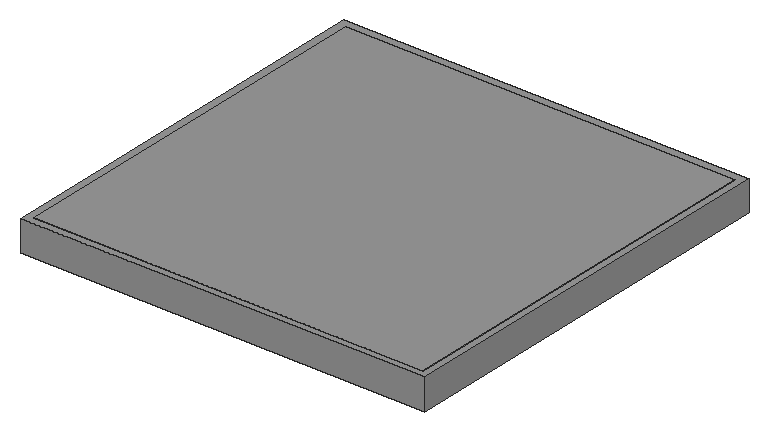
Revit family "ДВО-09 30 Вт Грильято DALI", category Осветительные приборы, Revit 2019 (continued)
Types (6, lengths in mm): name | Эффективность светильника | Файл фотометрической сетки | Тип рассеивателя | Световой поток модуля | built-in parameter 1150142 | Wattage | built-in parameter 1114217 | built-in parameter 1150134 | Lumens | built-in parameter 1150105 | Категория по ограничению яркости | built-in parameter 1150107 | built-in parameter 1150106 | Габаритная яркость | Артикул | URL
     0.0 0.0 0.0 0.0 0.0 0.0 0.0\r\n1213.1 1212.4 1211.0 1209.0 1206.6 1203.8 1200.3 1196.6 1192.3 1187.9 1182.9 1177.6 1171.6 1165.5 1158.5 1151.3 1143.5 1135.3 1126.8 1117.8 1108.6 1098.9 1089.1 1078.7 1068.2 1057.1 1045.8 1033.8 1021.8 1009.1 996.3 982.8 969.3 955.2 941.2 926.8 912.4 897.5 882.7 867.5 852.4 836.8 821.0 804.7 788.4 771.2 754.2 736.6 719.0 700.8 683.0 664.4 646.1 627.2 608.8 589.7 570.8 551.3 532.1 512.2 492.1 472.3 451.8 431.6 410.6 390.1 369.2 348.6 327.7 307.3 286.6 266.5 246.0 226.4 206.4 187.1 167.9 149.3 130.8 113.3 96.2 80.2 65.4 51.9 39.8 29.9 21.7 15.6 11.2 8.5 7.0 6.5 6.4 6.4 6.5 6.6 6.4 6.6 6.7 6.7 0.0 0.0 0.0 0.0 0.0 0.0 0.0 0.0 0.0 0.0 0.0 0.0 0.0 0.0 0.0 0.0 0.0 0.0 0.0 0.0 0.0 0.0 0.0 0.0 0.0 0.0 0.0 0.0 0.0 0.0 0.0 0.0 0.0 0.0 0.0 0.0 0.0 0.0 0.0 0.0 0.0 0.0 0.0 0.0 0.0 0.0 0.0 0.0 0.0 0.0 0.0 0.0 0.0 0.0 0.0 0.0 0.0 0.0 0.0 0.0 0.0\r\n1213.1 1212.5 1211.3 1209.5 1207.5 1205.0 1202.2 1198.8 1194.8 1190.7 1186.0 1181.0 1175.4 1169.1 1162.5 1155.4 1147.9 1140.1 1131.6 1123.0 1114.0 1104.9 1095.6 1085.8 1075.4 1064.4 1053.3 1041.6 1029.7 1017.2 1004.6 991.4 978.3 964.7 951.1 937.4 923.4 908.9 894.5 879.4 864.4 848.5 832.5 815.9 799.4 782.4 765.5 748.1 730.8 713.1 695.7 677.3 659.3 640.5 621.9 602.4 583.3 563.7 544.6 524.8 505.4 485.4 465.4 444.8 424.7 403.8 382.9 362.4 341.4 320.7 299.8 279.3 258.6 238.4 217.9 198.2 178.3 159.2 140.1 121.9 104.0 87.4 71.6 57.5 44.5 33.3 24.2 17.3 12.3 9.1 7.2 6.3 6.1 6.1 6.1 6.2 6.1 6.2 6.3 6.2 0.0 0.0 0.0 0.0 0.0 0.0 0.0 0.0 0.0 0.0 0.0 0.0 0.0 0.0 0.0 0.0 0.0 0.0 0.0 0.0 0.0 0.0 0.0 0.0 0.0 0.0 0.0 0.0 0.0 0.0 0.0 0.0 0.0 0.0 0.0 0.0 0.0 0.0 0.0 0.0 0.0 0.0 0.0 0.0 0.0 0.0 0.0 0.0 0.0 0.0 0.0 0.0 0.0 0.0 0.0 0.0 0.0 0.0 0.0 0.0 0.0\r\n1213.1 1212.5 1211.4 1209.7 1207.7 1205.2 1202.4 1199.0 1195.1 1191.1 1186.4 1181.3 1175.8 1169.6 1163.1 1156.1 1148.7 1141.0 1132.7 1124.2 1115.2 1105.9 1096.5 1086.6 1076.2 1065.2 1054.2 1042.6 1030.9 1018.7 1006.2 993.3 980.2 966.5 952.8 939.0 924.7 910.3 895.5 880.5 865.0 849.3 833.2 816.8 800.2 783.4 766.4 749.3 732.0 714.6 697.1 679.1 660.9 642.4 623.7 604.6 585.4 566.0 546.5 526.9 507.2 487.3 467.1 446.8 426.5 405.8 385.0 364.5 343.5 322.9 301.9 281.4 260.6 240.4 219.8 200.1 180.2 161.0 141.9 123.4 105.7 88.9 73.1 58.6 45.7 34.3 25.1 18.0 12.9 9.6 7.6 6.6 6.2 6.1 6.2 6.2 6.2 6.2 6.3 6.3 0.0 0.0 0.0 0.0 0.0 0.0 0.0 0.0 0.0 0.0 0.0 0.0 0.0 0.0 0.0 0.0 0.0 0.0 0.0 0.0 0.0 0.0 0.0 0.0 0.0 0.0 0.0 0.0 0.0 0.0 0.0 0.0 0.0 0.0 0.0 0.0 0.0 0.0 0.0 0.0 0.0 0.0 0.0 0.0 0.0 0.0 0.0 0.0 0.0 0.0 0.0 0.0 0.0 0.0 0.0 0.0 0.0 0.0 0.0 0.0 0.0\r\n1213.1 1212.4 1211.4 1209.9 1207.9 1205.4 1202.5 1199.2 1195.4 1191.4 1186.7 1181.5 1176.1 1170.0 1163.6 1156.8 1149.5 1141.8 1133.8 1125.3 1116.3 1106.9 1097.4 1087.3 1076.9 1066.0 1055.1 1043.6 1032.1 1020.1 1007.7 995.1 982.0 968.3 954.5 940.5 926.0 911.6 896.4 881.5 865.6 850.1 833.9 817.7 801.0 784.3 767.3 750.5 733.2 716.1 698.4 680.8 662.5 644.3 625.5 606.7 587.4 568.2 548.4 528.9 509.0 489.1 468.8 448.8 428.2 407.8 387.1 366.6 345.6 325.0 304.0 283.4 262.5 242.3 221.7 201.9 182.0 162.7 143.6 124.9 107.4 90.3 74.6 59.7 46.8 35.2 26.0 18.6 13.5 10.1 7.9 6.9 6.3 6.1 6.2 6.2 6.2 6.2 6.3 6.4 0.0 0.0 0.0 0.0 0.0 0.0 0.0 0.0 0.0 0.0 0.0 0.0 0.0 0.0 0.0 0.0 0.0 0.0 0.0 0.0 0.0 0.0 0.0 0.0 0.0 0.0 0.0 0.0 0.0 0.0 0.0 0.0 0.0 0.0 0.0 0.0 0.0 0.0 0.0 0.0 0.0 0.0 0.0 0.0 0.0 0.0 0.0 0.0 0.0 0.0 0.0 0.0 0.0 0.0 0.0 0.0 0.0 0.0 0.0 0.0 0.0\r\n1213.1 1212.4 1211.2 1209.5 1207.3 1204.6 1201.4 1197.9 1193.9 1189.7 1184.8 1179.6 1173.9 1167.8 1161.1 1154.1 1146.5 1138.6 1130.3 1121.6 1112.5 1102.9 1093.3 1083.0 1072.6 1061.6 1050.5 1038.7 1027.0 1014.6 1002.0 989.0 975.7 961.8 947.9 933.7 919.2 904.6 889.6 874.5 859.0 843.5 827.5 811.2 794.7 777.8 760.8 743.6 726.1 708.5 690.7 672.6 654.3 635.8 617.2 598.2 579.1 559.8 540.3 520.6 500.6 480.7 460.3 440.2 419.4 399.0 378.2 357.6 336.7 316.2 295.3 275.0 254.3 234.4 214.1 194.5 175.0 156.0 137.2 119.1 101.8 85.3 70.0 55.8 43.3 32.6 23.9 17.1 12.4 9.3 7.5 6.7 6.4 6.3 6.4 6.4 6.3 6.4 6.5 6.6 0.0 0.0 0.0 0.0 0.0 0.0 0.0 0.0 0.0 0.0 0.0 0.0 0.0 0.0 0.0 0.0 0.0 0.0 0.0 0.0 0.0 0.0 0.0 0.0 0.0 0.0 0.0 0.0 0.0 0.0 0.0 0.0 0.0 0.0 0.0 0.0 0.0 0.0 0.0 0.0 0.0 0.0 0.0 0.0 0.0 0.0 0.0 0.0 0.0 0.0 0.0 0.0 0.0 0.0 0.0 0.0 0.0 0.0 0.0 0.0 0.0\r\n1213.1 1212.4 1211.0 1209.0 1206.6 1203.8 1200.3 1196.6 1192.3 1187.9 1182.9 1177.6 1171.6 1165.5 1158.5 1151.3 1143.5 1135.3 1126.8 1117.8 1108.6 1098.9 1089.1 1078.7 1068.2 1057.1 1045.8 1033.8 1021.8 1009.1 996.3 982.8 969.3 955.2 941.2 926.8 912.4 897.5 882.7 867.5 852.4 836.8 821.0 804.7 788.4 771.2 754.2 736.6 719.0 700.8 683.0 664.4 646.1 627.2 608.8 589.7 570.8 551.3 532.1 512.2 492.1 472.3 451.8 431.6 410.6 390.1 369.2 348.6 327.7 307.3 286.6 266.5 246.0 226.4 206.4 187.1 167.9 149.3 130.8 113.3 96.2 80.2 65.4 51.9 39.8 29.9 21.7 15.6 11.2 8.5 7.0 6.5 6.4 6.4 6.5 6.6 6.4 6.6 6.7 6.7 0.0 0.0 0.0 0.0 0.0 0.0 0.0 0.0 0.0 0.0 0.0 0.0 0.0 0.0 0.0 0.0 0.0 0.0 0.0 0.0 0.0 0.0 0.0 0.0 0.0 0.0 0.0 0.0 0.0 0.0 0.0 0.0 0.0 0.0 0.0 0.0 0.0 0.0 0.0 0.0 0.0 0.0 0.0 0.0 0.0 0.0 0.0 0.0 0.0 0.0 0.0 0.0 0.0 0.0 0.0 0.0 0.0 0.0 0.0 0.0 0.0\r\n1213.1 1212.5 1211.3 1209.5 1207.5 1205.0 1202.2 1198.8 1194.8 1190.7 1186.0 1181.0 1175.4 1169.1 1162.5 1155.4 1147.9 1140.1 1131.6 1123.0 1114.0 1104.9 1095.6 1085.8 1075.4 1064.4 1053.3 1041.6 1029.7 1017.2 1004.6 991.4 978.3 964.7 951.1 937.4 923.4 908.9 894.5 879.4 864.4 848.5 832.5 815.9 799.4 782.4 765.5 748.1 730.8 713.1 695.7 677.3 659.3 640.5 621.9 602.4 583.3 563.7 544.6 524.8 505.4 485.4 465.4 444.8 424.7 403.8 382.9 362.4 341.4 320.7 299.8 279.3 258.6 238.4 217.9 198.2 178.3 159.2 140.1 121.9 104.0 87.4 71.6 57.5 44.5 33.3 24.2 17.3 12.3 9.1 7.2 6.3 6.1 6.1 6.1 6.2 6.1 6.2 6.3 6.2 0.0 0.0 0.0 0.0 0.0 0.0 0.0 0.0 0.0 0.0 0.0 0.0 0.0 0.0 0.0 0.0 0.0 0.0 0.0 0.0 0.0 0.0 0.0 0.0 0.0 0.0 0.0 0.0 0.0 0.0 0.0 0.0 0.0 0.0 0.0 0.0 0.0 0.0 0.0 0.0 0.0 0.0 0.0 0.0 0.0 0.0 0.0 0.0 0.0 0.0 0.0 0.0 0.0 0.0 0.0 0.0 0.0 0.0 0.0 0.0 0.0\r\n1213.1 1212.5 1211.4 1209.7 1207.7 1205.2 1202.4 1199.0 1195.1 1191.1 1186.4 1181.3 1175.8 1169.6 1163.1 1156.1 1148.7 1141.0 1132.7 1124.2 1115.2 1105.9 1096.5 1086.6 1076.2 1065.2 1054.2 1042.6 1030.9 1018.7 1006.2 993.3 980.2 966.5 952.8 939.0 924.7 910.3 895.5 880.5 865.0 849.3 833.2 816.8 800.2 783.4 766.4 749.3 732.0 714.6 697.1 679.1 660.9 642.4 623.7 604.6 585.4 566.0 546.5 526.9 507.2 487.3 467.1 446.8 426.5 405.8 385.0 364.5 343.5 322.9 301.9 281.4 260.6 240.4 219.8 200.1 180.2 161.0 141.9 123.4 105.7 88.9 73.1 58.6 45.7 34.3 25.1 18.0 12.9 9.6 7.6 6.6 6.2 6.1 6.2 6.2 6.2 6.2 6.3 6.3 0.0 0.0 0.0 0.0 0.0 0.0 0.0 0.0 0.0 0.0 0.0 0.0 0.0 0.0 0.0 0.0 0.0 0.0 0.0 0.0 0.0 0.0 0.0 0.0 0.0 0.0 0.0 0.0 0.0 0.0 0.0 0.0 0.0 0.0 0.0 0.0 0.0 0.0 0.0 0.0 0.0 0.0 0.0 0.0 0.0 0.0 0.0 0.0 0.0 0.0 0.0 0.0 0.0 0.0 0.0 0.0 0.0 0.0 0.0 0.0 0.0\r\n1213.1 1212.4 1211.4 1209.9 1207.9 1205.4 1202.5 1199.2 1195.4 1191.4 1186.7 1181.5 1176.1 1170.0 1163.6 1156.8 1149.5 1141.8 1133.8 1125.3 1116.3 1106.9 1097.4 1087.3 1076.9 1066.0 1055.1 1043.6 1032.1 1020.1 1007.7 995.1 982.0 968.3 954.5 940.5 926.0 911.6 896.4 881.5 865.6 850.1 833.9 817.7 801.0 784.3 767.3 750.5 733.2 716.1 698.4 680.8 662.5 644.3 625.5 606.7 587.4 568.2 548.4 528.9 509.0 489.1 468.8 448.8 428.2 407.8 387.1 366.6 345.6 325.0 304.0 283.4 262.5 242.3 221.7 201.9 182.0 162.7 143.6 124.9 107.4 90.3 74.6 59.7 46.8 35.2 26.0 18.6 13.5 10.1 7.9 6.9 6.3 6.1 6.2 6.2 6.2 6.2 6.3 6.4 0.0 0.0 0.0 0.0 0.0 0.0 0.0 0.0 0.0 0.0 0.0 0.0 0.0 0.0 0.0 0.0 0.0 0.0 0.0 0.0 0.0 0.0 0.0 0.0 0.0 0.0 0.0 0.0 0.0 0.0 0.0 0.0 0.0 0.0 0.0 0.0 0.0 0.0 0.0 0.0 0.0 0.0 0.0 0.0 0.0 0.0 0.0 0.0 0.0 0.0 0.0 0.0 0.0 0.0 0.0 0.0 0.0 0.0 0.0 0.0 0.0\r\n1213.1 1212.4 1211.2 1209.5 1207.3 1204.6 1201.4 1197.9 1193.9 1189.7 1184.8 1179.6 1173.9 1167.8 1161.1 1154.1 1146.5 1138.6 1130.3 1121.6 1112.5 1102.9 1093.3 1083.0 1072.6 1061.6 1050.5 1038.7 1027.0 1014.6 1002.0 989.0 975.7 961.8 947.9 933.7 919.2 904.6 889.6 874.5 859.0 843.5 827.5 811.2 794.7 777.8 760.8 743.6 726.1 708.5 690.7 672.6 654.3 635.8 617.2 598.2 579.1 559.8 540.3 520.6 500.6 480.7 460.3 440.2 419.4 399.0 378.2 357.6 336.7 316.2 295.3 275.0 254.3 234.4 214.1 194.5 175.0 156.0 137.2 119.1 101.8 85.3 70.0 55.8 43.3 32.6 23.9 17.1 12.4 9.3 7.5 6.7 6.4 6.3 6.4 6.4 6.3 6.4 6.5 6.6 0.0 0.0 0.0 0.0 0.0 0.0 0.0 0.0 0.0 0.0 0.0 0.0 0.0 0.0 0.0 0.0 0.0 0.0 0.0 0.0 0.0 0.0 0.0 0.0 0.0 0.0 0.0 0.0 0.0 0.0 0.0 0.0 0.0 0.0 0.0 0.0 0.0 0.0 0.0 0.0 0.0 0.0 0.0 0.0 0.0 0.0 0.0 0.0 0.0 0.0 0.0 0.0 0.0 0.0 0.0 0.0 0.0 0.0 0.0 0.0 0.0\r\n1213.1 1212.4 1211.0 1209.0 1206.6 1203.8 1200.3 1196.6 1192.3 1187.9 1182.9 1177.6 1171.6 1165.5 1158.5 1151.3 1143.5 1135.3 1126.8 1117.8 1108.6 1098.9 1089.1 1078.7 1068.2 1057.1 1045.8 1033.8 1021.8 1009.1 996.3 982.8 969.3 955.2 941.2 926.8 912.4 897.5 882.7 867.5 852.4 836.8 821.0 804.7 788.4 771.2 754.2 736.6 719.0 700.8 683.0 664.4 646.1 627.2 608.8 589.7 570.8 551.3 532.1 512.2 492.1 472.3 451.8 431.6 410.6 390.1 369.2 348.6 327.7 307.3 286.6 266.5 246.0 226.4 206.4 187.1 167.9 149.3 130.8 113.3 96.2 80.2 65.4 51.9 39.8 29.9 21.7 15.6 11.2 8.5 7.0 6.5 6.4 6.4 6.5 6.6 6.4 6.6 6.7 6.7 0.0 0.0 0.0 0.0 0.0 0.0 0.0 0.0 0.0 0.0 0.0 0.0 0.0 0.0 0.0 0.0 0.0 0.0 0.0 0.0 0.0 0.0 0.0 0.0 0.0 0.0 0.0 0.0 0.0 0.0 0.0 0.0 0.0 0.0 0.0 0.0 0.0 0.0 0.0 0.0 0.0 0.0 0.0 0.0 0.0 0.0 0.0 0.0 0.0 0.0 0.0 0.0 0.0 0.0 0.0 0.0 0.0 0.0 0.0 0.0 0.0\r\n1213.1 1212.5 1211.3 1209.5 1207.5 1205.0 1202.2 1198.8 1194.8 1190.7 1186.0 1181.0 1175.4 1169.1 1162.5 1155.4 1147.9 1140.1 1131.6 1123.0 1114.0 1104.9 1095.6 1085.8 1075.4 1064.4 1053.3 1041.6 1029.7 1017.2 1004.6 991.4 978.3 964.7 951.1 937.4 923.4 908.9 894.5 879.4 864.4 848.5 832.5 815.9 799.4 782.4 765.5 748.1 730.8 713.1 695.7 677.3 659.3 640.5 621.9 602.4 583.3 563.7 544.6 524.8 505.4 485.4 465.4 444.8 424.7 403.8 382.9 362.4 341.4 320.7 299.8 279.3 258.6 238.4 217.9 198.2 178.3 159.2 140.1 121.9 104.0 87.4 71.6 57.5 44.5 33.3 24.2 17.3 12.3 9.1 7.2 6.3 6.1 6.1 6.1 6.2 6.1 6.2 6.3 6.2 0.0 0.0 0.0 0.0 0.0 0.0 0.0 0.0 0.0 0.0 0.0 0.0 0.0 0.0 0.0 0.0 0.0 0.0 0.0 0.0 0.0 0.0 0.0 0.0 0.0 0.0 0.0 0.0 0.0 0.0 0.0 0.0 0.0 0.0 0.0 0.0 0.0 0.0 0.0 0.0 0.0 0.0 0.0 0.0 0.0 0.0 0.0 0.0 0.0 0.0 0.0 0.0 0.0 0.0 0.0 0.0 0.0 0.0 0.0 0.0 0.0\r\n1213.1 1212.5 1211.4 1209.7 1207.7 1205.2 1202.4 1199.0 1195.1 1191.1 1186.4 1181.3 1175.8 1169.6 1163.1 1156.1 1148.7 1141.0 1132.7 1124.2 1115.2 1105.9 1096.5 1086.6 1076.2 1065.2 1054.2 1042.6 1030.9 1018.7 1006.2 993.3 980.2 966.5 952.8 939.0 924.7 910.3 895.5 880.5 865.0 849.3 833.2 816.8 800.2 783.4 766.4 749.3 732.0 714.6 697.1 679.1 660.9 642.4 623.7 604.6 585.4 566.0 546.5 526.9 507.2 487.3 467.1 446.8 426.5 405.8 385.0 364.5 343.5 322.9 301.9 281.4 260.6 240.4 219.8 200.1 180.2 161.0 141.9 123.4 105.7 88.9 73.1 58.6 45.7 34.3 25.1 18.0 12.9 9.6 7.6 6.6 6.2 6.1 6.2 6.2 6.2 6.2 6.3 6.3 0.0 0.0 0.0 0.0 0.0 0.0 0.0 0.0 0.0 0.0 0.0 0.0 0.0 0.0 0.0 0.0 0.0 0.0 0.0 0.0 0.0 0.0 0.0 0.0 0.0 0.0 0.0 0.0 0.0 0.0 0.0 0.0 0.0 0.0 0.0 0.0 0.0 0.0 0.0 0.0 0.0 0.0 0.0 0.0 0.0 0.0 0.0 0.0 0.0 0.0 0.0 0.0 0.0 0.0 0.0 0.0 0.0 0.0 0.0 0.0 0.0\r\n1213.1 1212.4 1211.4 1209.9 1207.9 1205.4 1202.5 1199.2 1195.4 1191.4 1186.7 1181.5 1176.1 1170.0 1163.6 1156.8 1149.5 1141.8 1133.8 1125.3 1116.3 1106.9 1097.4 1087.3 1076.9 1066.0 1055.1 1043.6 1032.1 1020.1 1007.7 995.1 982.0 968.3 954.5 940.5 926.0 911.6 896.4 881.5 865.6 850.1 833.9 817.7 801.0 784.3 767.3 750.5 733.2 716.1 698.4 680.8 662.5 644.3 625.5 606.7 587.4 568.2 548.4 528.9 509.0 489.1 468.8 448.8 428.2 407.8 387.1 366.6 345.6 325.0 304.0 283.4 262.5 242.3 221.7 201.9 182.0 162.7 143.6 124.9 107.4 90.3 74.6 59.7 46.8 35.2 26.0 18.6 13.5 10.1 7.9 6.9 6.3 6.1 6.2 6.2 6.2 6.2 6.3 6.4 0.0 0.0 0.0 0.0 0.0 0.0 0.0 0.0 0.0 0.0 0.0 0.0 0.0 0.0 0.0 0.0 0.0 0.0 0.0 0.0 0.0 0.0 0.0 0.0 0.0 0.0 0.0 0.0 0.0 0.0 0.0 0.0 0.0 0.0 0.0 0.0 0.0 0.0 0.0 0.0 0.0 0.0 0.0 0.0 0.0 0.0 0.0 0.0 0.0 0.0 0.0 0.0 0.0 0.0 0.0 0.0 0.0 0.0 0.0 0.0 0.0\r\n1213.1 1212.4 1211.2 1209.5 1207.3 1204.6 1201.4 1197.9 1193.9 1189.7 1184.8 1179.6 1173.9 1167.8 1161.1 1154.1 1146.5 1138.6 1130.3 1121.6 1112.5 1102.9 1093.3 1083.0 1072.6 1061.6 1050.5 1038.7 1027.0 1014.6 1002.0 989.0 975.7 961.8 947.9 933.7 919.2 904.6 889.6 874.5 859.0 843.5 827.5 811.2 794.7 777.8 760.8 743.6 726.1 708.5 690.7 672.6 654.3 635.8 617.2 598.2 579.1 559.8 540.3 520.6 500.6 480.7 460.3 440.2 419.4 399.0 378.2 357.6 336.7 316.2 295.3 275.0 254.3 234.4 214.1 194.5 175.0 156.0 137.2 119.1 101.8 85.3 70.0 55.8 43.3 32.6 23.9 17.1 12.4 9.3 7.5 6.7 6.4 6.3 6.4 6.4 6.3 6.4 6.5 6.6 0.0 0.0 0.0 0.0 0.0 0.0 0.0 0.0 0.0 0.0 0.0 0.0 0.0 0.0 0.0 0.0 0.0 0.0 0.0 0.0 0.0 0.0 0.0 0.0 0.0 0.0 0.0 0.0 0.0 0.0 0.0 0.0 0.0 0.0 0.0 0.0 0.0 0.0 0.0 0.0 0.0 0.0 0.0 0.0 0.0 0.0 0.0 0.0 0.0 0.0 0.0 0.0 0.0 0.0 0.0 0.0 0.0 0.0 0.0 0.0 0.0\r\n1213.1 1212.4 1211.0 1209.0 1206.6 1203.8 1200.3 1196.6 1192.3 1187.9 1182.9 1177.6 1171.6 1165.5 1158.5 1151.3 1143.5 1135.3 1126.8 1117.8 1108.6 1098.9 1089.1 1078.7 1068.2 1057.1 1045.8 1033.8 1021.8 1009.1 996.3 982.8 969.3 955.2 941.2 926.8 912.4 897.5 882.7 867.5 852.4 836.8 821.0 804.7 788.4 771.2 754.2 736.6 719.0 700.8 683.0 664.4 646.1 627.2 608.8 589.7 570.8 551.3 532.1 512.2 492.1 472.3 451.8 431.6 410.6 390.1 369.2 348.6 327.7 307.3 286.6 266.5 246.0 226.4 206.4 187.1 167.9 149.3 130.8 113.3 96.2 80.2 65.4 51.9 39.8 29.9 21.7 15.6 11.2 8.5 7.0 6.5 6.4 6.4 6.5 6.6 6.4 6.6 6.7 6.7 0.0 0.0 0.0 0.0 0.0 0.0 0.0 0.0 0.0 0.0 0.0 0.0 0.0 0.0 0.0 0.0 0.0 0.0 0.0 0.0 0.0 0.0 0.0 0.0 0.0 0.0 0.0 0.0 0.0 0.0 0.0 0.0 0.0 0.0 0.0 0.0 0.0 0.0 0.0 0.0 0.0 0.0 0.0 0.0 0.0 0.0 0.0 0.0 0.0 0.0 0.0 0.0 0.0 0.0 0.0 0.0 0.0 0.0 0.0 0.0 0.0\r\n1213.1 1212.5 1211.3 1209.5 1207.5 1205.0 1202.2 1198.8 1194.8 1190.7 1186.0 1181.0 1175.4 1169.1 1162.5 1155.4 1147.9 1140.1 1131.6 1123.0 1114.0 1104.9 1095.6 1085.8 1075.4 1064.4 1053.3 1041.6 1029.7 1017.2 1004.6 991.4 978.3 964.7 951.1 937.4 923.4 908.9 894.5 879.4 864.4 848.5 832.5 815.9 799.4 782.4 765.5 748.1 730.8 713.1 695.7 677.3 659.3 640.5 621.9 602.4 583.3 563.7 544.6 524.8 505.4 485.4 465.4 444.8 424.7 403.8 382.9 362.4 341.4 320.7 299.8 279.3 258.6 238.4 217.9 198.2 178.3 159.2 140.1 121.9 104.0 87.4 71.6 57.5 44.5 33.3 24.2 17.3 12.3 9.1 7.2 6.3 6.1 6.1 6.1 6.2 6.1 6.2 6.3 6.2 0.0 0.0 0.0 0.0 0.0 0.0 0.0 0.0 0.0 0.0 0.0 0.0 0.0 0.0 0.0 0.0 0.0 0.0 0.0 0.0 0.0 0.0 0.0 0.0 0.0 0.0 0.0 0.0 0.0 0.0 0.0 0.0 0.0 0.0 0.0 0.0 0.0 0.0 0.0 0.0 0.0 0.0 0.0 0.0 0.0 0.0 0.0 0.0 0.0 0.0 0.0 0.0 0.0 0.0 0.0 0.0 0.0 0.0 0.0 0.0 0.0\r\n1213.1 1212.5 1211.4 1209.7 1207.7 1205.2 1202.4 1199.0 1195.1 1191.1 1186.4 1181.3 1175.8 1169.6 1163.1 1156.1 1148.7 1141.0 1132.7 1124.2 1115.2 1105.9 1096.5 1086.6 1076.2 1065.2 1054.2 1042.6 1030.9 1018.7 1006.2 993.3 980.2 966.5 952.8 939.0 924.7 910.3 895.5 880.5 865.0 849.3 833.2 816.8 800.2 783.4 766.4 749.3 732.0 714.6 697.1 679.1 660.9 642.4 623.7 604.6 585.4 566.0 546.5 526.9 507.2 487.3 467.1 446.8 426.5 405.8 385.0 364.5 343.5 322.9 301.9 281.4 260.6 240.4 219.8 200.1 180.2 161.0 141.9 123.4 105.7 88.9 73.1 58.6 45.7 34.3 25.1 18.0 12.9 9.6 7.6 6.6 6.2 6.1 6.2 6.2 6.2 6.2 6.3 6.3 0.0 0.0 0.0 0.0 0.0 0.0 0.0 0.0 0.0 0.0 0.0 0.0 0.0 0.0 0.0 0.0 0.0 0.0 0.0 0.0 0.0 0.0 0.0 0.0 0.0 0.0 0.0 0.0 0.0 0.0 0.0 0.0 0.0 0.0 0.0 0.0 0.0 0.0 0.0 0.0 0.0 0.0 0.0 0.0 0.0 0.0 0.0 0.0 0.0 0.0 0.0 0.0 0.0 0.0 0.0 0.0 0.0 0.0 0.0 0.0 0.0\r\n1213.1 1212.4 1211.4 1209.9 1207.9 1205.4 1202.5 1199.2 1195.4 1191.4 1186.7 1181.5 1176.1 1170.0 1163.6 1156.8 1149.5 1141.8 1133.8 1125.3 1116.3 1106.9 1097.4 1087.3 1076.9 1066.0 1055.1 1043.6 1032.1 1020.1 1007.7 995.1 982.0 968.3 954.5 940.5 926.0 911.6 896.4 881.5 865.6 850.1 833.9 817.7 801.0 784.3 767.3 750.5 733.2 716.1 698.4 680.8 662.5 644.3 625.5 606.7 587.4 568.2 548.4 528.9 509.0 489.1 468.8 448.8 428.2 407.8 387.1 366.6 345.6 325.0 304.0 283.4 262.5 242.3 221.7 201.9 182.0 162.7 143.6 124.9 107.4 90.3 74.6 59.7 46.8 35.2 26.0 18.6 13.5 10.1 7.9 6.9 6.3 6.1 6.2 6.2 6.2 6.2 6.3 6.4 0.0 0.0 0.0 0.0 0.0 0.0 0.0 0.0 0.0 0.0 0.0 0.0 0.0 0.0 0.0 0.0 0.0 0.0 0.0 0.0 0.0 0.0 0.0 0.0 0.0 0.0 0.0 0.0 0.0 0.0 0.0 0.0 0.0 0.0 0.0 0.0 0
